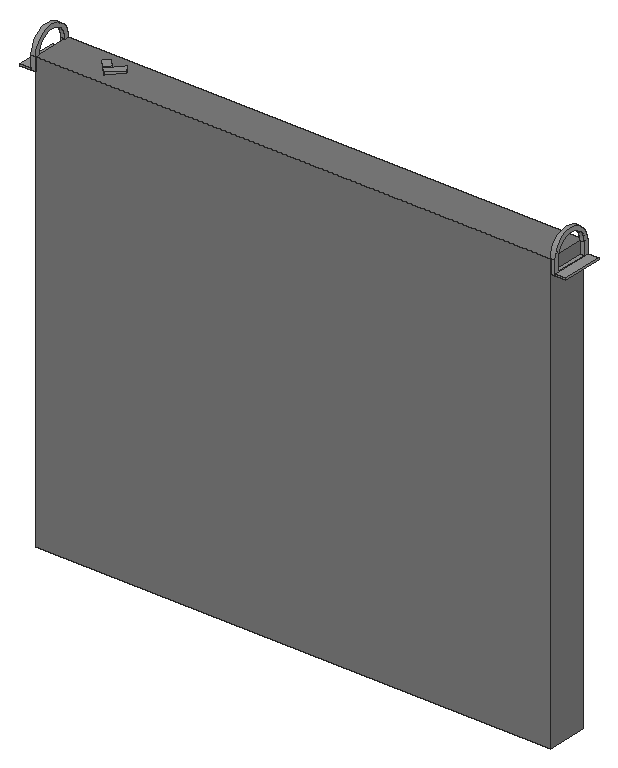
Revit family "CommandConnector", category Electrical Equipment, host Face, Revit 2019
Family settings
  Host = Face
  Round Connector Dimension = Use Diameter
  Part Type = Other Panel
  Cut with Voids When Loaded = No
  Shared = No
  Room Calculation Point = Yes
Parameters (values of type "CC700-32TB-HW")
  Width = 44 mm
  URL = "https://www.verkada.com/security-cameras/command-connector/"
  Type Image = Command Connector - CC300-CC700.png
  Onboard Storage = "32TB"
  Model = "CC700-32TB-HW"
  Manufacturer = "VERKADA"  # constant formula
  Length = 562.1 mm
  Height = 479.4 mm
  Description = "COMMAND CONNECTOR"
  Default Elevation = 1219.2 mm
  5MP Channels = "50"
Types (6, lengths in mm): name | Onboard Storage | Model | 5MP Channels
  CC300-4TB-HW | "4TB" | "CC300-4TB-HW" | "10"
  CC500-8TB-HW | "8TB" | "CC500-8TB-HW" | "25"
  CC700-16TB-HW | "16TB" | "CC700-16TB-HW" | "50"
  CC300-8TB-HW | "8TB" | "CC300-8TB-HW" | "10"
  CC500-16TB-HW | "16TB" | "CC500-16TB-HW" | "25"
  CC700-32TB-HW | "32TB" | "CC700-32TB-HW" | "50"
Reference planes
  plane 1 "Center (Front/Back)": y = 0
  plane 2: z = 0
  plane 3 "Center (Left/Right)": x = 0
  plane 4: x = 22
  plane 5: y = 281.05
  plane 6: y = -281.05
  plane 7: x = -22
  plane 8: z = 479.4
Forms (mm)
  Extrusion 1, solid, material "Stainless Steel"
    sketch origin (-304.674, 225.903, 0) x (1, 0, 0) y (0, 1, 0)
      loop
        line (23.624, -247.903) -> (585.724, -247.903) -> (585.724, -203.903) -> (23.624, -203.903) -> (23.624, -247.903)
    from 0 to 479.4 <- "Height"
  Extrusion 2, solid, material "Verkada Black"
    sketch origin (-286.05, 0, 0) x (0, 1, 0) y (0, 0, 1)
      loop
        line (-22, 479.4) -> (-22, 464.4) -> (22, 464.4) -> (22, 479.4)
        arc (22, 479.4) -> (0, 501.4) -> (-22, 479.4) r 22
      loop
        arc (18, 479.4) -> (0, 497.4) -> (-18, 479.4) r 18
        line (-18, 479.4) -> (-18, 466.4) -> (18, 466.4) -> (18, 479.4)
    from 0 to 5
  Extrusion 3, solid, material "Verkada Black"
    sketch origin (-291.05, 0, 0) x (0, 1, 0) y (0, 0, 1)
      loop
        line (22, 466.4) -> (-22, 466.4) -> (-22, 464.4) -> (22, 464.4) -> (22, 466.4)
    from 5 to -7
  Extrusion 4, solid, material "Verkada Black"
    sketch origin (281.05, 0, 0) x (0, 1, 0) y (0, 0, 1)
      loop
        line (-22, 479.4) -> (-22, 464.4) -> (22, 464.4) -> (22, 479.4)
        arc (22, 479.4) -> (0, 501.4) -> (-22, 479.4) r 22
      loop
        arc (18, 479.4) -> (0, 497.4) -> (-18, 479.4) r 18
        line (-18, 479.4) -> (-18, 466.4) -> (18, 466.4) -> (18, 479.4)
    from 0 to 5
  Extrusion 5, solid, material "Verkada Black"
    sketch origin (293.05, 0, 0) x (0, 1, 0) y (0, 0, 1)
      loop
        line (22, 466.4) -> (-22, 466.4) -> (-22, 464.4) -> (22, 464.4) -> (22, 466.4)
    from 5 to -7
  Extrusion 6, solid, material "Verkada Black"
    sketch origin (-216.403, -103.877, 360.703) x (1, 0, 0) y (0, 1, 0)
      loop
        line (-1.177, 106.44) -> (-7.923, 113.632)
        arc (-7.923, 113.632) -> (-8.47, 113.868) -> (-9.017, 113.63) r 0.749
        line (-9.017, 113.63) -> (-13.435, 108.892)
        arc (-13.435, 108.892) -> (-13.635, 108.384) -> (-13.434, 107.876) r 0.744
        line (-13.434, 107.876) -> (-6.619, 100.603) -> (-1.177, 106.44)
      loop
        line (7.923, 113.632) -> (-5.446, 99.379) -> (-0.543, 94.121)
        arc (-0.543, 94.121) -> (0, 93.885) -> (0.544, 94.12) r 0.744
        line (0.544, 94.12) -> (13.434, 107.876)
        arc (13.434, 107.876) -> (13.635, 108.384) -> (13.435, 108.892) r 0.744
        line (13.435, 108.892) -> (9.017, 113.63)
        arc (9.017, 113.63) -> (8.47, 113.868) -> (7.923, 113.632) r 0.749
    from 118.697 to 121.147
Lines and regions (mm)
  reference lines
    curve 1: line (0, 0, 0) -> (609.6, 0, 0)
    curve 2: line (0, -609.6, 0) -> (0, 0, 0)
Dimensions and locks
  equal spacing: plane 7, plane 3 "Center (Left/Right)", plane 4
  "Width": plane 7 to plane 4
  "Height": plane 8 to level
  equal spacing: plane 6, plane 1 "Center (Front/Back)", plane 5
  "Length": plane 6 to plane 5
  plane 8 to host face = 479.4 mm
  "Width": Extrusion 1 sketch curve to Extrusion 1 sketch curve
  "Length": Extrusion 1 sketch curve to Extrusion 1 sketch curve
  aligned and locked: plane 2 to host face
  aligned and locked: level to host face
Automatic sketch dimensions
  host sketch curve to host sketch curve = 2438.4 mm  (x2)
  Extrusion 1 sketch curve to plane 1 "Center (Front/Back)" = 22 mm
  Extrusion 1 sketch curve to plane 7 = 259.05 mm
  plane 1 "Center (Front/Back)" to curve 2 = 0 mm
  curve 2 to plane 3 "Center (Left/Right)" = 0 mm
  plane 4 to curve 1 = 587.6 mm
  plane 6 to curve 2 = 328.55 mm
  Extrusion 2 sketch curve to Extrusion 2 sketch curve = 0 mm  (x2)
  plane 8 to Extrusion 2 sketch curve = 0 mm
  Extrusion 2 sketch curve to plane 1 "Center (Front/Back)" = 0 mm
  plane 1 "Center (Front/Back)" to Extrusion 2 sketch curve = 18 mm
  Extrusion 2 sketch curve to Extrusion 2 sketch curve = 4 mm
  Extrusion 2 sketch curve to Extrusion 2 sketch curve = 13 mm
  Extrusion 2 sketch curve to Extrusion 2 sketch curve = 2 mm
  plane 1 "Center (Front/Back)" to Extrusion 3 sketch curve = 22 mm
  Extrusion 3 sketch curve to plane 1 "Center (Front/Back)" = 22 mm
  plane 8 to Extrusion 3 sketch curve = 15 mm
  Extrusion 3 sketch curve to Extrusion 3 sketch curve = 2 mm
  Extrusion 4 sketch curve to Extrusion 4 sketch curve = 0 mm  (x2)
  plane 8 to Extrusion 4 sketch curve = 0 mm
  Extrusion 4 sketch curve to plane 1 "Center (Front/Back)" = 0 mm
  plane 1 "Center (Front/Back)" to Extrusion 4 sketch curve = 18 mm
  Extrusion 4 sketch curve to Extrusion 4 sketch curve = 4 mm
  Extrusion 4 sketch curve to Extrusion 4 sketch curve = 13 mm
  Extrusion 4 sketch curve to Extrusion 4 sketch curve = 2 mm
  plane 1 "Center (Front/Back)" to Extrusion 5 sketch curve = 22 mm
  Extrusion 5 sketch curve to plane 1 "Center (Front/Back)" = 22 mm
  plane 8 to Extrusion 5 sketch curve = 15 mm
  Extrusion 5 sketch curve to Extrusion 5 sketch curve = 2 mm
  Extrusion 6 sketch curve to plane 6 = 286.065 mm  (x2)
  Extrusion 6 sketch curve to plane 4 = 251.838 mm
  Extrusion 6 sketch curve to plane 6 = 285.049 mm  (x2)
  Extrusion 6 sketch curve to Extrusion 6 sketch curve = 0.001 mm
  Extrusion 6 sketch curve to Extrusion 6 sketch curve = 0.544 mm  (x3)
  Extrusion 6 sketch curve to plane 6 = 290.804 mm  (x2)
  Extrusion 6 sketch curve to Extrusion 6 sketch curve = 4.419 mm
  Extrusion 6 sketch curve to Extrusion 6 sketch curve = 0.547 mm  (x2)
  Extrusion 6 sketch curve to plane 6 = 290.805 mm  (x2)
  Extrusion 6 sketch curve to Extrusion 6 sketch curve = 0.546 mm  (x2)
  Extrusion 6 sketch curve to plane 6 = 277.777 mm
  Extrusion 6 sketch curve to Extrusion 6 sketch curve = 6.814 mm
  Extrusion 6 sketch curve to plane 6 = 276.552 mm
  Extrusion 6 sketch curve to Extrusion 6 sketch curve = 1.174 mm
  Extrusion 6 sketch curve to plane 6 = 283.613 mm
  Extrusion 6 sketch curve to Extrusion 6 sketch curve = 5.442 mm
  Extrusion 6 sketch curve to plane 6 = 271.295 mm
  Extrusion 6 sketch curve to Extrusion 6 sketch curve = 4.903 mm
  Extrusion 6 sketch curve to plane 6 = 271.294 mm
  Extrusion 6 sketch curve to Extrusion 6 sketch curve = 0.543 mm  (x2)
  Extrusion 6 sketch curve to Extrusion 6 sketch curve = 9.1 mm
  Extrusion 6 sketch curve to Extrusion 6 sketch curve = 4.422 mm
Connectors
  electrical at (0, 0, 0)
    settings: index 2, voltage 0 V, apparent load 0 VA, apparent load phase1 0 VA, apparent load phase2 0 VA, apparent load phase3 0 VA, power factor 1, load classification "Other", number of poles 1, system type 5, power factor state 1, is connector primary yes, connector utility no, sub classification motor no, connector description ""
